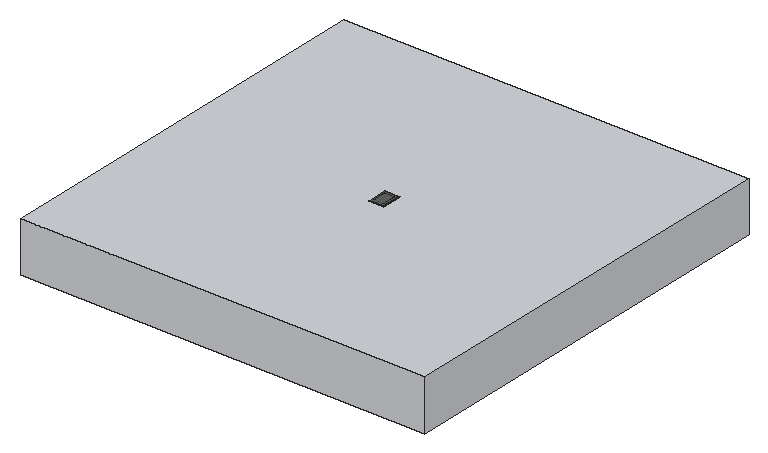
Revit family "Touch_panel-Z41_PRO-A_-S_-W_-AP_-SP_-WP", category Equipos especializados, Revit 2018
Family settings
  Anfitrión = Cara
  Cota de conector redondo = Diámetro de uso
  Tipo de pieza = Normal
  Corte con vacíos al cargar = No
  Compartido = No
  Punto de cálculo de habitación = No
Parameters (values of type "ZVI-Z41PRO-A_flush")
  Width = 90.2 mm  # constant formula
  Weight = if(Constraints = 1, "237g", if(Constraints = 2, "226g including battery 1g", ""))  # "237g"
  Voltage typical (KNX supply) = "29VDC SELV"  # constant formula
  Voltage range (KNX supply) = "21...31VDC"  # constant formula
  USB connector = "Mini USB Type A connector. Version 2.0"  # constant formula
  URL = "http://www.zennio.com/en"
  Touch screen material = Touch screen
  Thermostats = 2  # constant formula
  Temperature sensor (resolution) = "0.1ºC"  # constant formula
  Temperature sensor (measuring range) = "-10ºC to +50ºC"  # constant formula
  Surface = if(Constraints3 = 1, 1 = 1, 1 = 0)  # no
  Storage temperature = "-20ºC to +60ºC"  # constant formula
  Storage humidity = "5 to 95% RH (no condensation)"  # constant formula
  Protection class = "III"  # constant formula
  Product Page URL = "http://www.zennio.com/products/touch-panels-room-controllers/z41-pro"
  PCB CTI index = "175 V"  # constant formula
  Orientation = "Portrait or landscape"  # constant formula
  Operation type = "Continuous operation"  # constant formula
  Operating temperature = "0ºC to +45ºC"  # constant formula
  Operating humidity = "5 to 95% RH (no condensation)"  # constant formula
  Modelo = if(and(Constraints = 1, Constraints2 = 1, Constraints3 = 1), "ZVI-Z41PRO-A_surface", if(and(Constraints = 1, Constraints2 = 1, Constraints3 = 2), "ZVI-Z41PRO-A_flush", if(and(Constraints = 2, Constraints2 = 1, Constraints3 = 1), "ZVI-Z41PRO-AP_surface", if(and(Constraints = 2, Constraints2 = 1, Constraints3 = 2), "ZVI-Z41PRO-AP_flush", if(and(Constraints = 1, Constraints2 = 2, Constraints3 = 1), "ZVI-Z41PRO-S_surface", if(and(Constraints = 1, Constraints2 = 2, Constraints3 = 2), "ZVI-Z41PRO-S_flush", if(and(Constraints = 2, Constraints2 = 2, Constraints3 = 1), "ZVI-Z41PRO-SP_surface", if(and(Constraints = 2, Constraints2 = 2, Constraints3 = 2), "ZVI-Z41PRO-SP_flush", if(and(Constraints = 1, Constraints2 = 3, Constraints3 = 1), "ZVI-Z41PRO-W_surface", if(and(Constraints = 1, Constraints2 = 3, Constraints3 = 2), "ZVI-Z41PRO-W_flush", if(and(Constraints = 2, Constraints2 = 3, Constraints3 = 1), "ZVI-Z41PRO-WP_surface", if(and(Constraints = 2, Constraints2 = 3, Constraints3 = 2), "ZVI-Z41PRO-WP_flush", " "))))))))))))  # "ZVI-Z41PRO-A_flush"
  Maximum consumption 29 VDC typical = "6mA, 174mW"  # constant formula
  Maximum consumption 24 VDC = "10mA, 240mW"  # constant formula
  Manufacturer Phone Number = "+34 925 232 002"  # constant formula
  Manufacturer Email = "info@zennio.com"  # constant formula
  Manufacturer Address = "C/ Río Jarama, 132. Nave P-8.11. 45007 Toledo. España"  # constant formula
  Fabricante = "Zennio Avance y Tecnología, S.L."  # constant formula
  Internal clock = "Real Time Clock (RTC) with watch battery"  # constant formula
  Housing material = PC/ABS FR V0 halogen free - Anthracite
  Height = 122.7 mm  # constant formula
  Frame material = Aluminium frame
  Flush = if(Constraints3 = 2, 1 = 1, 1 = 0)  # yes
  Fit = "Magnetic fit"  # constant formula
  External power supply connection = "Pluggable screw terminal block"  # constant formula
  External power supply = "12-29 VDC. Maximum consumption: 160mA (12VDC), 76mA (24VDC), 64mA (29VDC)"  # constant formula
  Ethernet connector = "RJ45 connector with 4 poles"  # constant formula
  Electrical stress period = "Long"  # constant formula
  Display Type = "16 million colors LCD display"  # constant formula
  Direct control (indicator functions) = 96  # constant formula
  Device action type = "Type 1"  # constant formula
  Descripción = "4.1'' Color Capacitive Touch Panel with IP Connection"  # constant formula
  Depth_total = 30 mm  # constant formula
  Depth = 12 mm  # constant formula
  Degree of protection = "IP20, clean environment"  # constant formula
  Default Elevation = 1219.2 mm
  Copyright = "© 2017 Zennio Avance y Tecnología, S.L."  # constant formula
  Constraints3 = 2
  Constraints2 = 1
  Constraints = 1
  Connection type = "Typical TP1 bus connector for rigid cable 0.80 mm diameter"  # constant formula
  Configurable pages = 12  # constant formula
  Complementary characteristics = "Class B"  # constant formula
  BCU = "Integrated KNX BCU"  # constant formula
  Analog/digital inputs = 2  # constant formula
Types (13, lengths in mm): name | Weight | Surface | Modelo | Housing material | Frame material | Flush | Constraints3 | Constraints2 | Constraints
  (no name) | "237g" | no | "ZVI-Z41PRO-A_flush" | PC/ABS FR V0 halogen free - Anthracite | Aluminium frame | yes | 2 | 1 | 1
  ZVI-Z41PRO-AP_surface | "226g including battery 1g" | yes | "ZVI-Z41PRO-AP_surface" | PC/ABS FR V0 halogen free - Anthracite | Polycarbonate frame - Anthracite | no | 1 | 1 | 2
  ZVI-Z41PRO-SP_surface | "226g including battery 1g" | yes | "ZVI-Z41PRO-SP_surface" | PC/ABS FR V0 halogen free - Silver | Polycarbonate frame - Silver | no | 1 | 2 | 2
  ZVI-Z41PRO-WP_surface | "226g including battery 1g" | yes | "ZVI-Z41PRO-WP_surface" | PC/ABS FR V0 halogen free - White | Polycarbonate frame - White | no | 1 | 3 | 2
  ZVI-Z41PRO-AP_flush | "226g including battery 1g" | no | "ZVI-Z41PRO-AP_flush" | PC/ABS FR V0 halogen free - Anthracite | Polycarbonate frame - Anthracite | yes | 2 | 1 | 2
  ZVI-Z41PRO-SP_flush | "226g including battery 1g" | no | "ZVI-Z41PRO-SP_flush" | PC/ABS FR V0 halogen free - Silver | Polycarbonate frame - Silver | yes | 2 | 2 | 2
  ZVI-Z41PRO-WP_flush | "226g including battery 1g" | no | "ZVI-Z41PRO-WP_flush" | PC/ABS FR V0 halogen free - White | Polycarbonate frame - White | yes | 2 | 3 | 2
  ZVI-Z41PRO-A_surface | "237g" | yes | "ZVI-Z41PRO-A_surface" | PC/ABS FR V0 halogen free - Anthracite | Aluminium frame | no | 1 | 1 | 1
  ZVI-Z41PRO-A_flush | "237g" | no | "ZVI-Z41PRO-A_flush" | PC/ABS FR V0 halogen free - Anthracite | Aluminium frame | yes | 2 | 1 | 1
  ZVI-Z41PRO-S_surface | "237g" | yes | "ZVI-Z41PRO-S_surface" | PC/ABS FR V0 halogen free - Silver | Aluminium frame | no | 1 | 2 | 1
  ZVI-Z41PRO-S_flush | "237g" | no | "ZVI-Z41PRO-S_flush" | PC/ABS FR V0 halogen free - Silver | Aluminium frame | yes | 2 | 2 | 1
  ZVI-Z41PRO-W_surface | "237g" | yes | "ZVI-Z41PRO-W_surface" | PC/ABS FR V0 halogen free - White | Aluminium frame | no | 1 | 3 | 1
  ZVI-Z41PRO-W_flush | "237g" | no | "ZVI-Z41PRO-W_flush" | PC/ABS FR V0 halogen free - White | Aluminium frame | yes | 2 | 3 | 1
Reference planes
  plane 1 "Center (Front/Back)": y = 0
  plane 2 "Ref. 1 top bis": z = 0
  plane 3 "Center (Left/Right)": x = 0
  plane 4 "Ref. left 1": x = -45.1
  plane 5 "Ref. 1 right": x = 45.1
  plane 6 "Ref. 1 front": y = 61.35
  plane 7 "Ref. 1 back": y = -61.35
  plane 8 "Ref. 2 front": y = 59.4
  plane 9 "Ref. 2 back": y = -59.4
  plane 10 "Ref. 2 left": x = -43.1
  plane 11 "Ref. 2 right": x = 43.1
  plane 12 "Ref. 3 left": x = -31
  plane 13 "Ref. 3 right": x = 31
  plane 14 "Ref. 3 front": y = 41.5
  plane 15 "Ref. 3 back": y = -41.5
  plane 16 "Ref. 1 top": z = 12
  plane 17 "Ref. 1 bottom": z = -18
  plane 18 "Ref. 2 bottom": z = 3
  plane 19 "Ref. 2 top": z = 10.5
  plane 20 "Ref. 3 bottom": z = 11
  plane 21 "Ref. 1 left bis": x = -45.1
  plane 22 "Ref. 2 left bis": x = -43.1
  plane 23 "Ref. 3 left bis": x = -31
  plane 24 "Ref. 1 right bis": x = 45.1
  plane 25 "Ref. 2 right bis": x = 43.1
  plane 26 "Ref. 3 right bis": x = 31
  plane 27 "Ref. 1 front bis": y = 61.35
  plane 28 "Ref. 2 front bis": y = 59.4
  plane 29 "Ref. 3 front bis": y = 41.5
  plane 30 "Ref. 1 back bis": y = -61.35
  plane 31 "Ref. 2 back bis": y = -59.4
  plane 32 "Ref. 3 back bis": y = -41.5
  plane 33 "Ref. 1 bottom bis": z = -30
  plane 34 "Ref. 2 bottom bis": z = -12
  plane 35 "Ref. 3 bottom bis": z = -9
  plane 36 "Ref. 3 top bis": z = -1.5
  plane 37 "Ref. 4 bottom bis": z = -1
Forms (mm)
  Extrusion 1, solid
    sketch origin (0, 0, 0) x (1, 0, 0) y (0, 1, 0)
      loop
        line (-1219.2, 1219.2) -> (-1219.2, -1219.2) -> (1219.2, -1219.2) -> (1219.2, 1219.2) -> (-1219.2, 1219.2)
    from 0 to -304.8
  Extrusion 2, solid, material "Aluminium frame" <- "Frame material", visible <- "Surface", detail levels coarse
    sketch origin (0, 0, 0) x (1, 0, 0) y (0, 1, 0)
      loop
        line (-45.1, -61.35) -> (45.1, -61.35) -> (45.1, 61.35) -> (-45.1, 61.35) -> (-45.1, -61.35)
    from 3 to 10.5
  Extrusion 3, solid, material "Aluminium frame" <- "Frame material", visible <- "Surface", detail levels medium+fine
    sketch origin (0, 0, 0) x (1, 0, 0) y (0, 1, 0)
      loop
        arc (-43.1, 61.35) -> (-44.514, 60.764) -> (-45.1, 59.35) r 2
        line (-45.1, 59.35) -> (-45.1, -59.35)
        arc (-45.1, -59.35) -> (-44.514, -60.764) -> (-43.1, -61.35) r 2
        line (-43.1, -61.35) -> (43.05, -61.35)
        arc (43.05, -61.35) -> (44.5, -60.75) -> (45.1, -59.3) r 2.05
        line (45.1, -59.3) -> (45.1, 59.35)
        arc (45.1, 59.35) -> (44.514, 60.764) -> (43.1, 61.35) r 2
        line (43.1, 61.35) -> (-43.1, 61.35)
    from 3 to 10.5
  Extrusion 4, solid, material "Touch screen" <- "Touch screen material", visible <- "Surface"
    sketch origin (0, 0, 0) x (1, 0, 0) y (0, 1, 0)
      loop
        line (31, 41.5) -> (-31, 41.5) -> (-31, -41.5) -> (31, -41.5) -> (31, 41.5)
    from 11 to 12
  Extrusion 5, solid, material "PC/ABS FR V0 halogen free - Anthracite" <- "Housing material", visible <- "Surface"
    sketch origin (0, 0, 0) x (1, 0, 0) y (0, 1, 0)
      loop
        line (-14, 25) -> (-25, 14) -> (-25, -14) -> (-14, -25) -> (14, -25) -> (25, -14) -> (25, 13.994) -> (13.994, 25) -> (-14, 25)
    from -18 to 0
  Extrusion 6, solid, material "PC/ABS FR V0 halogen free - Anthracite" <- "Housing material", visible <- "Surface"
    sketch origin (0, 0, 0) x (1, 0, 0) y (0, 1, 0)
      loop
        line (42.6, 59.4) -> (-42.6, 59.4)
        arc (-42.6, 59.4) -> (-42.954, 59.254) -> (-43.1, 58.9) r 0.5
        line (-43.1, 58.9) -> (-43.1, -58.9)
        arc (-43.1, -58.9) -> (-42.954, -59.254) -> (-42.6, -59.4) r 0.5
        line (-42.6, -59.4) -> (42.6, -59.4)
        arc (42.6, -59.4) -> (42.954, -59.254) -> (43.1, -58.9) r 0.5
        line (43.1, -58.9) -> (43.1, 58.9)
        arc (43.1, 58.9) -> (42.954, 59.254) -> (42.6, 59.4) r 0.5
    from 0 to 12
  Extrusion 7, solid, material "Aluminium frame" <- "Frame material", visible <- "Flush", detail levels coarse
    sketch origin (0, 0, 0) x (1, 0, 0) y (0, 1, 0)
      loop
        line (-45.1, 61.35) -> (-45.1, -61.35) -> (45.1, -61.35) -> (45.1, 61.35) -> (-45.1, 61.35)
    from -9 to -1.5
  Extrusion 8, solid, material "Aluminium frame" <- "Frame material", visible <- "Flush", detail levels medium+fine
    sketch origin (0, 0, 0) x (1, 0, 0) y (0, 1, 0)
      loop
        arc (-43.1, 61.35) -> (-44.514, 60.764) -> (-45.1, 59.35) r 2
        line (-45.1, 59.35) -> (-45.1, -59.35)
        arc (-45.1, -59.35) -> (-44.514, -60.764) -> (-43.1, -61.35) r 2
        line (-43.1, -61.35) -> (43.1, -61.35)
        arc (43.1, -61.35) -> (44.514, -60.764) -> (45.1, -59.35) r 2
        line (45.1, -59.35) -> (45.1, 59.35)
        arc (45.1, 59.35) -> (44.514, 60.764) -> (43.1, 61.35) r 2
        line (43.1, 61.35) -> (-43.1, 61.35)
    from -9 to -1.5
  Extrusion 9, solid, material "PC/ABS FR V0 halogen free - Anthracite" <- "Housing material", visible <- "Flush"
    sketch origin (0, 0, 0) x (1, 0, 0) y (0, 1, 0)
      loop
        arc (-42.6, 59.4) -> (-42.954, 59.254) -> (-43.1, 58.9) r 0.5
        line (-43.1, 58.9) -> (-43.1, -58.9)
        arc (-43.1, -58.9) -> (-42.954, -59.254) -> (-42.6, -59.4) r 0.5
        line (-42.6, -59.4) -> (42.6, -59.4)
        arc (42.6, -59.4) -> (42.954, -59.254) -> (43.1, -58.9) r 0.5
        line (43.1, -58.9) -> (43.1, 58.9)
        arc (43.1, 58.9) -> (42.954, 59.254) -> (42.6, 59.4) r 0.5
        line (42.6, 59.4) -> (-42.6, 59.4)
    from -12 to 0
  Extrusion 10, solid, material "Touch screen" <- "Touch screen material", visible <- "Flush"
    sketch origin (0, 0, 0) x (1, 0, 0) y (0, 1, 0)
      loop
        line (-31, 41.5) -> (-31, -41.5) -> (31, -41.5) -> (31, 41.5) -> (-31, 41.5)
    from -1 to 0
  Extrusion 11, solid, material "PC/ABS FR V0 halogen free - Anthracite" <- "Housing material", visible <- "Flush"
    sketch origin (0, 0, 0) x (1, 0, 0) y (0, 1, 0)
      loop
        line (-14, 25) -> (-25, 14) -> (-25, -14) -> (-14, -25) -> (14, -25) -> (25, -14) -> (25, 14) -> (14, 25) -> (-14, 25)
    from -30 to -12
Lines and regions (mm)
  reference lines
    curve 1: line (13.994, 25, 0) -> (-14, 25, 0)
    curve 2: line (-25, 14, 0) -> (-25, -14, 0)
    curve 3: line (-14, 25, 0) -> (-25, 14, 0)
    curve 4: line (25, -14, 0) -> (25, 13.994, 0)
    curve 5: line (14, -25, 0) -> (-14, -25, 0)
    curve 6: line (13.994, 25, 0) -> (25, 13.994, 0)
    curve 7: line (-25, -14, 0) -> (-14, -25, 0)
    curve 8: line (25, -14, 0) -> (14, -25, 0)
    curve 9: line (25, 0, -12) -> (-25, 0, -12)
    curve 10: line (-31, 25, -12) -> (31, 25, -12)
    curve 11: line (31, -25, -12) -> (-31, -25, -12)
    curve 12: line (25, 25, -12) -> (25, -25, -12)
    curve 13: line (-25, 25, -12) -> (-25, -25, -12)
    curve 14: line (-31, -8, -12) -> (-7.322, -31.678, -12)
    curve 15: line (31, -8, -12) -> (6.929, -32.071, -12)
    curve 16: line (8, 31, -12) -> (31, 8, -12)
    curve 17: line (-8, 31, -12) -> (-31, 8, -12)
Dimensions and locks
  equal spacing: plane 7 "Ref. 1 back", plane 1 "Center (Front/Back)", plane 6 "Ref. 1 front", locked at 61.35 each
  equal spacing: plane 4 "Ref. left 1", plane 3 "Center (Left/Right)", plane 5 "Ref. 1 right", locked at 45.1 each
  "Width": plane 4 "Ref. left 1" to plane 5 "Ref. 1 right"
  "Height": plane 7 "Ref. 1 back" to plane 6 "Ref. 1 front"
  equal spacing: plane 9 "Ref. 2 back", plane 1 "Center (Front/Back)", plane 8 "Ref. 2 front", locked at 59.4 each
  equal spacing: plane 10 "Ref. 2 left", plane 3 "Center (Left/Right)", plane 11 "Ref. 2 right", locked at 43.1 each
  equal spacing: plane 15 "Ref. 3 back", plane 1 "Center (Front/Back)", plane 14 "Ref. 3 front", locked at 41.5 each
  equal spacing: plane 12 "Ref. 3 left", plane 3 "Center (Left/Right)", plane 13 "Ref. 3 right", locked at 31 each
  locked: plane 2 "Ref. 1 top bis" to plane 16 "Ref. 1 top" at 12
  locked: plane 20 "Ref. 3 bottom" to plane 16 "Ref. 1 top" at 1
  locked: plane 19 "Ref. 2 top" to plane 20 "Ref. 3 bottom" at 0.5
  locked: plane 18 "Ref. 2 bottom" to plane 19 "Ref. 2 top" at 7.5
  equal spacing: plane 21 "Ref. 1 left bis", plane 3 "Center (Left/Right)", plane 24 "Ref. 1 right bis", locked at 45.1 each
  "Width": plane 21 "Ref. 1 left bis" to plane 24 "Ref. 1 right bis"
  equal spacing: plane 22 "Ref. 2 left bis", plane 3 "Center (Left/Right)", plane 25 "Ref. 2 right bis", locked at 43.1 each
  equal spacing: plane 23 "Ref. 3 left bis", plane 3 "Center (Left/Right)", plane 26 "Ref. 3 right bis", locked at 31 each
  equal spacing: plane 30 "Ref. 1 back bis", plane 1 "Center (Front/Back)", plane 27 "Ref. 1 front bis", locked at 61.35 each
  "Height": plane 30 "Ref. 1 back bis" to plane 27 "Ref. 1 front bis"
  equal spacing: plane 31 "Ref. 2 back bis", plane 1 "Center (Front/Back)", plane 28 "Ref. 2 front bis", locked at 59.4 each
  equal spacing: plane 32 "Ref. 3 back bis", plane 1 "Center (Front/Back)", plane 29 "Ref. 3 front bis", locked at 41.5 each
  locked: plane 34 "Ref. 2 bottom bis" to level at 12
  locked: plane 37 "Ref. 4 bottom bis" to plane 2 "Ref. 1 top bis" at 1
  locked: plane 36 "Ref. 3 top bis" to plane 37 "Ref. 4 bottom bis" at 0.5
  locked: plane 35 "Ref. 3 bottom bis" to plane 36 "Ref. 3 top bis" at 7.5
  locked: plane 33 "Ref. 1 bottom bis" to plane 2 "Ref. 1 top bis" at 30
  locked: plane 17 "Ref. 1 bottom" to plane 16 "Ref. 1 top" at 30
  aligned and locked: plane 2 "Ref. 1 top bis" to Extrusion 1
  aligned and locked: level to Extrusion 1
  aligned and locked: curve 3 to Extrusion 5
  aligned and locked: curve 1 to Extrusion 5
  aligned and locked: curve 6 to Extrusion 5
  aligned and locked: curve 4 to Extrusion 5
  aligned and locked: curve 8 to Extrusion 5
  aligned and locked: curve 5 to Extrusion 5
  aligned and locked: curve 7 to Extrusion 5
  aligned and locked: curve 2 to Extrusion 5
  aligned and locked: Extrusion 3 to plane 6 "Ref. 1 front"
  aligned and locked: Extrusion 2 to plane 6 "Ref. 1 front"
  aligned and locked: plane 4 "Ref. left 1" to Extrusion 3
  aligned and locked: plane 4 "Ref. left 1" to Extrusion 2
  aligned and locked: plane 7 "Ref. 1 back" to Extrusion 3
  aligned and locked: plane 7 "Ref. 1 back" to Extrusion 2
  aligned and locked: Extrusion 3 to plane 5 "Ref. 1 right"
  aligned and locked: Extrusion 2 to plane 5 "Ref. 1 right"
  aligned and locked: Extrusion 6 to plane 8 "Ref. 2 front"
  aligned and locked: plane 10 "Ref. 2 left" to Extrusion 6
  aligned and locked: plane 9 "Ref. 2 back" to Extrusion 6
  aligned and locked: Extrusion 6 to plane 11 "Ref. 2 right"
  aligned and locked: plane 12 "Ref. 3 left" to Extrusion 4
  aligned and locked: plane 15 "Ref. 3 back" to Extrusion 4
  aligned and locked: Extrusion 4 to plane 13 "Ref. 3 right"
  aligned and locked: Extrusion 4 to plane 14 "Ref. 3 front"
  aligned and locked: plane 17 "Ref. 1 bottom" to Extrusion 5
  aligned and locked: Extrusion 6 to plane 2 "Ref. 1 top bis"
  aligned and locked: Extrusion 6 to plane 16 "Ref. 1 top"
  aligned and locked: plane 18 "Ref. 2 bottom" to Extrusion 3
  aligned and locked: Extrusion 3 to plane 19 "Ref. 2 top"
  aligned and locked: plane 20 "Ref. 3 bottom" to Extrusion 4
  aligned and locked: Extrusion 4 to plane 16 "Ref. 1 top"
  aligned and locked: plane 2 "Ref. 1 top bis" to Extrusion 5
  aligned and locked: plane 21 "Ref. 1 left bis" to Extrusion 8
  aligned and locked: plane 21 "Ref. 1 left bis" to Extrusion 7
  aligned and locked: plane 22 "Ref. 2 left bis" to Extrusion 9
  aligned and locked: plane 23 "Ref. 3 left bis" to Extrusion 10
  aligned and locked: Extrusion 8 to plane 24 "Ref. 1 right bis"
  aligned and locked: Extrusion 7 to plane 24 "Ref. 1 right bis"
  aligned and locked: Extrusion 9 to plane 25 "Ref. 2 right bis"
  aligned and locked: Extrusion 10 to plane 26 "Ref. 3 right bis"
  aligned and locked: Extrusion 8 to plane 27 "Ref. 1 front bis"
  aligned and locked: Extrusion 7 to plane 27 "Ref. 1 front bis"
  aligned and locked: Extrusion 9 to plane 28 "Ref. 2 front bis"
  aligned and locked: Extrusion 10 to plane 29 "Ref. 3 front bis"
  aligned and locked: plane 32 "Ref. 3 back bis" to Extrusion 10
  aligned and locked: plane 31 "Ref. 2 back bis" to Extrusion 9
  aligned and locked: plane 30 "Ref. 1 back bis" to Extrusion 8
  aligned and locked: plane 30 "Ref. 1 back bis" to Extrusion 7
  aligned and locked: plane 33 "Ref. 1 bottom bis" to Extrusion 11
  aligned and locked: plane 34 "Ref. 2 bottom bis" to Extrusion 9
  aligned and locked: Extrusion 9 to plane 34 "Ref. 2 bottom bis"
  aligned and locked: plane 2 "Ref. 1 top bis" to Extrusion 9
  aligned and locked: plane 35 "Ref. 3 bottom bis" to Extrusion 8
  aligned and locked: Extrusion 7 to plane 36 "Ref. 3 top bis"
  aligned and locked: plane 37 "Ref. 4 bottom bis" to Extrusion 10
  aligned and locked: plane 2 "Ref. 1 top bis" to Extrusion 10
  aligned and locked: Extrusion 11 to plane 34 "Ref. 2 bottom bis"
  aligned and locked: Extrusion 8 to plane 36 "Ref. 3 top bis"
  aligned and locked: curve 17 to Extrusion 11
  aligned and locked: curve 13 to Extrusion 11
  aligned and locked: curve 14 to Extrusion 11
  aligned and locked: Extrusion 11 to curve 11
  aligned and locked: Extrusion 11 to curve 15
  aligned and locked: Extrusion 11 to curve 12
  aligned and locked: Extrusion 11 to curve 16
  aligned and locked: Extrusion 11 to curve 10
Automatic sketch dimensions
  Extrusion 1 sketch curve to Extrusion 1 sketch curve = 2438.4 mm  (x2)
  Extrusion 2 sketch curve to plane 3 "Center (Left/Right)" = 45.1 mm
  plane 3 "Center (Left/Right)" to Extrusion 2 sketch curve = 45.1 mm
  plane 1 "Center (Front/Back)" to Extrusion 2 sketch curve = 61.35 mm
  Extrusion 2 sketch curve to plane 1 "Center (Front/Back)" = 61.35 mm
  Extrusion 3 sketch curve to plane 3 "Center (Left/Right)" = 45.1 mm
  Extrusion 3 sketch curve to Extrusion 3 sketch curve = 2 mm  (x3)
  plane 3 "Center (Left/Right)" to Extrusion 3 sketch curve = 43.05 mm
  plane 3 "Center (Left/Right)" to Extrusion 3 sketch curve = 43.1 mm
  plane 1 "Center (Front/Back)" to Extrusion 3 sketch curve = 61.35 mm
  Extrusion 3 sketch curve to plane 1 "Center (Front/Back)" = 59.35 mm
  Extrusion 4 sketch curve to plane 3 "Center (Left/Right)" = 31 mm
  plane 3 "Center (Left/Right)" to Extrusion 4 sketch curve = 31 mm
  Extrusion 4 sketch curve to plane 1 "Center (Front/Back)" = 41.5 mm
  plane 1 "Center (Front/Back)" to Extrusion 4 sketch curve = 41.5 mm
  Extrusion 5 sketch curve to plane 3 "Center (Left/Right)" = 25 mm
  Extrusion 5 sketch curve to plane 3 "Center (Left/Right)" = 14 mm  (x2)
  plane 3 "Center (Left/Right)" to Extrusion 5 sketch curve = 13.994 mm
  plane 3 "Center (Left/Right)" to Extrusion 5 sketch curve = 14 mm
  Extrusion 5 sketch curve to Extrusion 5 sketch curve = 11.006 mm  (x2)
  plane 1 "Center (Front/Back)" to Extrusion 5 sketch curve = 25 mm
  plane 1 "Center (Front/Back)" to Extrusion 5 sketch curve = 14 mm  (x2)
  Extrusion 5 sketch curve to plane 1 "Center (Front/Back)" = 13.994 mm
  Extrusion 5 sketch curve to plane 1 "Center (Front/Back)" = 14 mm
  Extrusion 6 sketch curve to plane 4 "Ref. left 1" = 2 mm
  Extrusion 6 sketch curve to Extrusion 6 sketch curve = 0.5 mm  (x2)
  Extrusion 6 sketch curve to plane 3 "Center (Left/Right)" = 42.6 mm
  plane 5 "Ref. 1 right" to Extrusion 6 sketch curve = 2.5 mm  (x2)
  Extrusion 6 sketch curve to plane 7 "Ref. 1 back" = 1.95 mm
  plane 6 "Ref. 1 front" to Extrusion 6 sketch curve = 2.45 mm
  Extrusion 7 sketch curve to plane 4 "Ref. left 1" = 0 mm
  Extrusion 7 sketch curve to plane 5 "Ref. 1 right" = 0 mm
  plane 7 "Ref. 1 back" to Extrusion 7 sketch curve = 0 mm
  plane 6 "Ref. 1 front" to Extrusion 7 sketch curve = 0 mm
  Extrusion 8 sketch curve to plane 4 "Ref. left 1" = 0 mm
  Extrusion 8 sketch curve to plane 10 "Ref. 2 left" = 0 mm  (x2)
  plane 7 "Ref. 1 back" to Extrusion 8 sketch curve = 0 mm
  plane 6 "Ref. 1 front" to Extrusion 8 sketch curve = 0 mm
  Extrusion 8 sketch curve to plane 11 "Ref. 2 right" = 0 mm  (x2)
  Extrusion 8 sketch curve to plane 5 "Ref. 1 right" = 0 mm
  Extrusion 9 sketch curve to plane 10 "Ref. 2 left" = 0 mm
  plane 8 "Ref. 2 front" to Extrusion 9 sketch curve = 0 mm
  plane 9 "Ref. 2 back" to Extrusion 9 sketch curve = 0 mm
  Extrusion 9 sketch curve to plane 11 "Ref. 2 right" = 0 mm
  Extrusion 9 sketch curve to Extrusion 9 sketch curve = 0.5 mm
  plane 11 "Ref. 2 right" to Extrusion 9 sketch curve = 0.5 mm  (x2)
  Extrusion 9 sketch curve to plane 10 "Ref. 2 left" = 0.5 mm
  Extrusion 10 sketch curve to plane 12 "Ref. 3 left" = 0 mm
  Extrusion 10 sketch curve to plane 13 "Ref. 3 right" = 0 mm
  plane 15 "Ref. 3 back" to Extrusion 10 sketch curve = 0 mm
  plane 14 "Ref. 3 front" to Extrusion 10 sketch curve = 0 mm
  Extrusion 11 sketch curve to plane 12 "Ref. 3 left" = 6 mm
  Extrusion 11 sketch curve to plane 3 "Center (Left/Right)" = 14 mm  (x2)
  plane 3 "Center (Left/Right)" to Extrusion 11 sketch curve = 14 mm  (x2)
  plane 13 "Ref. 3 right" to Extrusion 11 sketch curve = 6 mm
  Extrusion 11 sketch curve to plane 15 "Ref. 3 back" = 16.5 mm
  plane 1 "Center (Front/Back)" to Extrusion 11 sketch curve = 14 mm  (x2)
  Extrusion 11 sketch curve to plane 1 "Center (Front/Back)" = 14 mm  (x2)
  Extrusion 11 sketch curve to Extrusion 11 sketch curve = 11 mm
  curve 9 to plane 34 "Ref. 2 bottom bis" = 0 mm
  curve 9 to plane 12 "Ref. 3 left" = 6 mm
  plane 13 "Ref. 3 right" to curve 9 = 6 mm
  curve 10 to plane 12 "Ref. 3 left" = 0 mm
  curve 10 to plane 13 "Ref. 3 right" = 0 mm
  plane 14 "Ref. 3 front" to curve 10 = 16.5 mm
  curve 13 to plane 12 "Ref. 3 left" = 6 mm
  curve 13 to plane 15 "Ref. 3 back" = 16.5 mm
  plane 13 "Ref. 3 right" to curve 12 = 6 mm
  curve 11 to plane 13 "Ref. 3 right" = 0 mm
  curve 11 to plane 12 "Ref. 3 left" = 0 mm
  curve 14 to plane 12 "Ref. 3 left" = 0 mm
  curve 14 to plane 15 "Ref. 3 back" = 9.822 mm
  plane 1 "Center (Front/Back)" to curve 14 = 8 mm
  curve 14 to plane 3 "Center (Left/Right)" = 7.322 mm
  curve 15 to plane 13 "Ref. 3 right" = 0 mm
  curve 15 to plane 15 "Ref. 3 back" = 9.429 mm
  plane 1 "Center (Front/Back)" to curve 15 = 8 mm
  plane 3 "Center (Left/Right)" to curve 15 = 6.929 mm
  curve 7 to plane 12 "Ref. 3 left" = 6 mm
  curve 1 to plane 3 "Center (Left/Right)" = 14 mm
  curve 5 to plane 3 "Center (Left/Right)" = 14 mm
  plane 3 "Center (Left/Right)" to curve 6 = 13.994 mm
  plane 3 "Center (Left/Right)" to curve 8 = 14 mm
  plane 13 "Ref. 3 right" to curve 4 = 6 mm
  curve 8 to plane 15 "Ref. 3 back" = 16.5 mm
  plane 1 "Center (Front/Back)" to curve 7 = 14 mm
  plane 1 "Center (Front/Back)" to curve 4 = 14 mm
  curve 6 to plane 1 "Center (Front/Back)" = 13.994 mm
  curve 2 to plane 1 "Center (Front/Back)" = 14 mm
  curve 2 to curve 1 = 11 mm
  curve 17 to plane 12 "Ref. 3 left" = 0 mm
  curve 16 to plane 13 "Ref. 3 right" = 0 mm
  curve 17 to plane 1 "Center (Front/Back)" = 8 mm
  curve 16 to plane 1 "Center (Front/Back)" = 8 mm
  plane 14 "Ref. 3 front" to curve 17 = 10.5 mm
  plane 14 "Ref. 3 front" to curve 16 = 10.5 mm
  plane 3 "Center (Left/Right)" to curve 16 = 8 mm
  curve 17 to plane 3 "Center (Left/Right)" = 8 mm
Connectors
  electrical at (0, 0, 0)
    settings: on Extrusion 6, index 1, voltage 0 V, apparent load 0 VA, apparent load phase1 0 VA, apparent load phase2 0 VA, apparent load phase3 0 VA, power factor 1, load classification "Otro", number of poles 1, system type 14, power factor state 1, is connector primary yes, connector utility no, sub classification motor no, connector description ""
